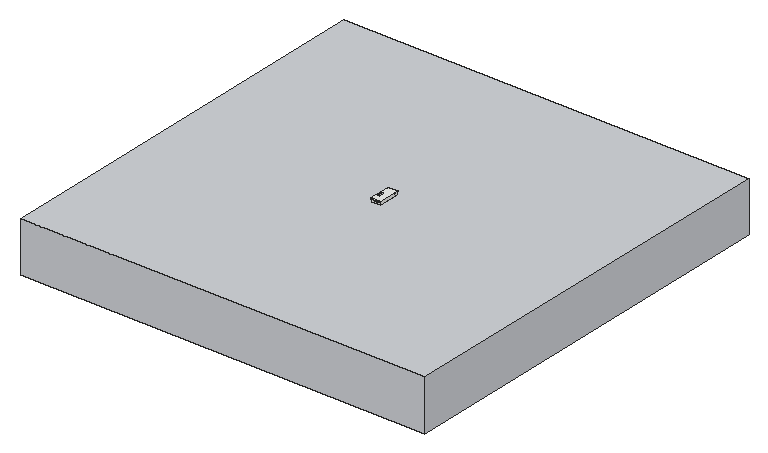
Revit family "GIRA_123927", category Elektroinstallationen, Revit 2017
Family settings
  Basisbauteil = Fläche
  Beschriftungsausrichtung beibehalten = Ja
  Bemaßung runder Anschluss = Durchmesser verwenden
  Teiletyp = Normal
  Beim Laden mit Abzugskörper schneiden = Nein
  Gemeinsam genutzt = Nein
  Raumberechnungspunkt = Nein
Parameters
  Zusatzgerät anreihbar = no
  Default Elevation = 1219.2 mm
  Verbindung mit Smartphone möglich = no
  URL = "https://www.gira.de/"
  Typname = "Wohnungsstation Video AP Plus System 55 Reinweiß m"
  Schaltfunktionen = yes
  Rufunterscheidung = yes
  Rufabschaltung = yes
  Mit Türöffnerautomatik = yes
  Mit Touchscreen = no
  Lautstärkeregelung = yes
  Ist Zubehör = no
  Ist System = no
  Internkommunikation = yes
  Hörgerätekompatibel = no
  Hersteller = "Gira"
  HAN = "123927"
  GTIN = "4010337016243"
  Funktions-Lampen = yes
  Bildsystem = "PAL"
  Beschreibung = "Wohnungsstation Video AP Plus System 55 Reinweiß seidenmatt Merkmale: - Bei Verwendung je einer Spannungsversorgung für Türkommunikation können bis zu 28 Wohnungsstationen Video AP parallel genutzt werden. - Die Wohnungsstation Video AP Plus erkennt automatisch, ob eine Spannungsversorgung für Türkommunikation angeschlossen ist. Eine Brücke zwischen ZV und BUS ist nicht notwendig. - Farbdisplay mit LED-Hintergrundbeleuchtung. - OSD Funktion, d. h. Texteinblendung im Display zur Statusanzeige und Menüführung. - Kapazitive Bedientasten mit integrierten Leuchtdioden zur Zustandsanzeige: Die Tasten werden durch leichte Berührung bedient. - Zuschaltbare Türöffnerautomatik: bei eingeschalteter Funktion wird der Türöffner nach Betätigung der Türstationsruftaste automatisch angesteuert. - Automatische Rufannahme: direktes Hineinsprechen oder -hören in einen Raum nach Internruf. - Gebührenfreier hausinterner Sprechverkehr mit bis zu zehn weiteren Wohnungsstationen. Die Bedientasten der Wohnungsstation Video AP Plus steuern die folgenden Funktionen:: - Manuelles Ein- und Ausschalten des TFT-Farbdisplays. - Kameraumschaltung - gezielte Anwahl der angeschlossenen Farbkameras. Im Display erfolgt die Textanzeige, welche Kamera aktuell angesteuert wird. - Schalten von Licht und anderen Funktionen in Verbindung mit dem Schaltaktor oder dem Unterputz-Schaltaktor. - Ansteuerung des Türöffners. - Rufton ein- und ausschalten. - Rufannahme. - Aktivierung der Durchsetzfunktion. - Einstellung von Rufton- und Sprechlautstärke. Funktionen im Endkundenmenü: - Internruf, Schalthandlung, Ruftonmelodie, Helligkeit, Farbsättigung, Kontrast, Einschaltzeit des Displays, Sprache (21 Sprachen wählbar), Tastentöne, Türöffnerautomatik (nach Installateurfreigabe), automatische Rufannahme (nach Installateurfreigabe). Zusätzliche Funktionen im Installateurmenü:: - Einstellung Haupt- Nebendisplay, Frequenzeinstellung, Terminierung der Leitung, Versionsanzeige, Werkseinstellung, Display ein- bzw. ausschalten, LED-Beleuchtung ein- bzw. ausschalten, Ruftastenzuordnung, Internruf zuordnen, Freigaben für Türöffnerautomatik und automatische Rufannahme. - Karten-Slot für SD-Speicherkarte. - SD-Speicherkarte. Neue zusätzliche Funktionen im Endkundenmenü:: - Interner Bildspeicher (nach Installateurfreigabe) für bis zu 48 Bilder. Manueller Übertrag interner zu externner Bildspeicher (SD-Speicherkarte). Bildspeicher manuell löschen. Manuellen Schnappschuss auslösen. Schalthandlungen und Internrufe umbenennen. Datum Uhrzeit ändern. Neue zusätzliche Funktionen im Installateurmenü:: - Freigabe des internen Bildspeichers. Einstellen des Bildintervals und der Aufnahmegeschwindigkeit. Datum Uhrzeit einstellen. Eigenschaften der SD-Speicherkarte:: - Verzeichnis für zehn Klingeltöne, davon fünf frei konfigurierbar im WAVE-Format. Ordner für externen Bildspeicher (max. 200 Bilder).  Hinweise : - Montage ohne Abdeckrahmen oder mit Abdeckrahmen 2fach ohne Mittelsteg aus den Schalterprogrammen System 55, Flächenschalter oder Gira E22 möglich."
  Bedienung Türöffner = yes
  BIM = "https://media.stage.bim.site/t/eyJhbGciOiJIUzI1NiIsInR5cCI6IkpXVCJ9.eyJjdCI6MSwidGYiOiJwdWJsaWMvZ2lyYS9iNjQ4NDNkLzEyMzkgMjcucmZhIiwiY2lkIjoiMzI3N2NjMjMtODFhOS00ZWUzLWE5MGEtYjQ3YmI0YzBiNjE2IiwicmlkIjoiYWZiMWQ1YTY2YWI3MjM0MDdlYTM4YTIwMGNhZDgzMDIiLCJwaWQiOiJlMzE2MDQ3NmY0OTc5YTYyYmZhZDNlYmQ3Mjc3ZjFjZThjOGIzZDQ0Iiwic2lkIjoiNjM0NzAiLCJ1dCI6NSwiaWF0IjoxNTY1MTg2NzQ5LCJpc3MiOiJodHRwczovL2FwaS5saXZlLmJpbS5zaXRlIiwic3ViIjoiYWRtaW5AYmltc2l0ZS5kZXYifQ.r-roVaoynvs0EGDL__40qwlu7oEhYcn_sEF0CAWcthQ/1239 27.rfa"
  Abhörsicher = yes
Reference planes
  plane 1 "Center (Front/Back)": y = 0
  plane 2: z = 0
  plane 3 "Center (Left/Right)": x = 0
  plane 4: y = -57.002
  plane 5: z = 11.3
Forms (mm)
  Extrusion 1, solid
    sketch origin (0, 0, 0) x (1, 0, 0) y (0, 1, 0)
      loop
        line (-1219.2, 1219.2) -> (-1219.2, -1219.2) -> (1219.2, -1219.2) -> (1219.2, 1219.2) -> (-1219.2, 1219.2)
    from 0 to -304.8
  Extrusion 2, solid, material "Pure white silk matt", detail levels fine
    sketch origin (0, 0, 0) x (1, 0, 0) y (0, 1, 0)
      loop
        line (-27.5, 62.907) -> (-27.5, -62.761) -> (27.5, -63.002) -> (27.5, 62.907) -> (-27.5, 62.907)
    from 2.8 to 19.6
  Extrusion 3, solid, material "Pure white silk matt", detail levels fine
    sketch origin (0, 0, 0) x (1, 0, 0) y (0, 1, 0)
      loop
        line (23.736, -57.486) -> (23.736, 57.355) -> (-23.736, 57.355) -> (-23.736, -57.486) -> (23.736, -57.486)
    from 0 to 2.8
  Extrusion 4, solid, material "Pure white silk matt", detail levels fine
    sketch origin (0, 0, -0.9) x (1, 0, 0) y (0, 1, 0)
      loop
        arc (-26.5, 65) -> (-27.207, 64.707) -> (-27.5, 64) r 1
        line (-27.5, 64) -> (-27.5, -64)
        arc (-27.5, -64) -> (-27.207, -64.707) -> (-26.5, -65) r 1
        line (-26.5, -65) -> (26.5, -65)
        arc (26.5, -65) -> (27.207, -64.707) -> (27.5, -64) r 1
        line (27.5, -64) -> (27.5, 64)
        arc (27.5, 64) -> (27.207, 64.707) -> (26.5, 65) r 1
        line (26.5, 65) -> (-26.5, 65)
    from 20.5 to 21.5
  Extrusion 5, solid, material "Pure white silk matt", detail levels medium+fine
    sketch origin (0, 0, 0) x (1, 0, 0) y (0, 1, 0)
      loop
        line (-23.605, -18.6) -> (-13.2, -18.6) -> (-13.2, -8.594) -> (-13.2, 3.4) -> (-23.605, 3.4) -> (-23.605, -18.6)
    from 20.6 to 22.5
  Extrusion 6, void, detail levels fine
    sketch origin (0, 0, 0) x (1, 0, 0) y (0, 1, 0)
      loop
        arc (-11.109, -10.234) -> (15.105, -0.084) -> (-10.995, 10.357) r 15.105
        line (-10.995, 10.357) -> (-11.109, -10.234)
      loop
        arc (-3.34, -27.996) -> (-8.964, -28.895) -> (-3.943, -31.585) r 3.005
        arc (-3.943, -31.585) -> (0.438, -31.827) -> (4.808, -31.44) r 31.83
        arc (4.808, -31.44) -> (6.319, -29.382) -> (4.262, -27.871) r 1.805
        arc (4.262, -27.871) -> (0.465, -28.191) -> (-3.34, -27.996) r 28.195
      loop
        spline (6.871, -48.874) -> (6.579, -48.896) -> (6.293, -48.96) -> (6.02, -49.065) -> (5.765, -49.208) -> (5.534, -49.388) -> (5.331, -49.599) -> (5.162, -49.838) -> (5.029, -50.099) -> (4.936, -50.377) -> (4.885, -50.666) -> (4.876, -50.959) -> (4.91, -51.25)
        spline (4.91, -51.25) -> (4.876, -51.541) -> (4.885, -51.834) -> (4.936, -52.123) -> (5.029, -52.401) -> (5.162, -52.662) -> (5.331, -52.901) -> (5.534, -53.112) -> (5.765, -53.292) -> (6.02, -53.435) -> (6.293, -53.54) -> (6.579, -53.604) -> (6.871, -53.626)
        line (6.871, -53.626) -> (13.129, -53.626)
        spline (13.129, -53.626) -> (13.421, -53.604) -> (13.707, -53.54) -> (13.98, -53.435) -> (14.235, -53.292) -> (14.466, -53.112) -> (14.669, -52.901) -> (14.838, -52.662) -> (14.971, -52.401) -> (15.064, -52.123) -> (15.115, -51.834) -> (15.124, -51.541) -> (15.09, -51.25)
        spline (15.09, -51.25) -> (15.124, -50.959) -> (15.115, -50.666) -> (15.064, -50.377) -> (14.971, -50.099) -> (14.838, -49.838) -> (14.669, -49.599) -> (14.466, -49.388) -> (14.235, -49.208) -> (13.98, -49.065) -> (13.707, -48.96) -> (13.421, -48.896) -> (13.129, -48.874)
        line (13.129, -48.874) -> (6.871, -48.874)
      loop
        arc (3.34, 27.996) -> (8.966, 28.911) -> (3.92, 31.563) r 3.005
        arc (3.92, 31.563) -> (-0.448, 31.802) -> (-4.808, 31.44) r 31.805
        arc (-4.808, 31.44) -> (-6.319, 29.382) -> (-4.262, 27.871) r 1.805
        arc (-4.262, 27.871) -> (-0.465, 28.191) -> (3.34, 27.996) r 28.195
      loop
        line (-20.626, 52.129) -> (-20.626, 45.871)
        spline (-20.626, 45.871) -> (-20.604, 45.579) -> (-20.54, 45.293) -> (-20.435, 45.02) -> (-20.292, 44.765) -> (-20.112, 44.533) -> (-19.901, 44.331) -> (-19.662, 44.162) -> (-19.401, 44.029) -> (-19.123, 43.936) -> (-18.834, 43.885) -> (-18.541, 43.876) -> (-18.25, 43.91)
        spline (-18.25, 43.91) -> (-17.959, 43.876) -> (-17.666, 43.885) -> (-17.377, 43.936) -> (-17.099, 44.029) -> (-16.838, 44.162) -> (-16.599, 44.331) -> (-16.388, 44.533) -> (-16.208, 44.765) -> (-16.065, 45.02) -> (-15.96, 45.293) -> (-15.896, 45.579) -> (-15.874, 45.871)
        line (-15.874, 45.871) -> (-15.874, 52.129)
        spline (-15.874, 52.129) -> (-15.896, 52.421) -> (-15.96, 52.707) -> (-16.065, 52.98) -> (-16.208, 53.235) -> (-16.388, 53.466) -> (-16.599, 53.669) -> (-16.838, 53.838) -> (-17.099, 53.971) -> (-17.377, 54.064) -> (-17.666, 54.115) -> (-17.959, 54.124) -> (-18.25, 54.09)
        spline (-18.25, 54.09) -> (-18.541, 54.124) -> (-18.834, 54.115) -> (-19.123, 54.064) -> (-19.401, 53.971) -> (-19.662, 53.838) -> (-19.901, 53.669) -> (-20.112, 53.466) -> (-20.292, 53.235) -> (-20.435, 52.98) -> (-20.54, 52.707) -> (-20.604, 52.421) -> (-20.626, 52.129)
    from 0 to 2
  Extrusion 7, void, detail levels fine
    sketch origin (-1.799, 0, 0) x (1, 0, 0) y (0, 0, 1)
      loop
        line (0, 17.165) -> (0, 15.22) -> (3.598, 15.22) -> (3.598, 17.165) -> (0, 17.165)
      loop
        line (-4.701, 11.286) -> (-4.701, 8.933) -> (8.855, 8.933) -> (8.855, 11.286) -> (-4.701, 11.286)
    from 58.901 to 65
  Extrusion 8, void, detail levels fine
    sketch origin (0, 0, 0) x (0, 1, 0) y (0, 0, 1)
      loop
        line (-57.002, 12.854) -> (-57.002, 9.854) -> (-38.002, 9.854) -> (-38.002, 12.854) -> (-57.002, 12.854)
    from -27.55 to 27.5
  Extrusion 9, solid, material "Pure white silk matt", detail levels medium
    sketch origin (0, 0, 0) x (1, 0, 0) y (0, 1, 0)
      loop
        line (27.5, 65) -> (-27.5, 65) -> (-27.5, -65) -> (27.5, -65) -> (27.5, 65)
    from 19.6 to 20.6
  Extrusion 10, solid, material "Pure white silk matt", detail levels medium
    sketch origin (0, 0, 0) x (1, 0, 0) y (0, 1, 0)
      loop
        line (-27.5, 62.907) -> (-27.5, -62.761) -> (27.5, -63.002) -> (27.5, 62.907) -> (-27.5, 62.907)
    from 2.8 to 19.6
  Extrusion 11, solid, material "Pure white silk matt", detail levels medium
    sketch origin (0, 0, 0) x (1, 0, 0) y (0, 1, 0)
      loop
        line (23.736, -57.486) -> (23.736, 57.355) -> (-23.736, 57.355) -> (-23.736, -57.486) -> (23.736, -57.486)
    from 0 to 2.8
  Extrusion 12, solid, material "Pure white silk matt", detail levels coarse
    sketch origin (0, 0, 0) x (1, 0, 0) y (0, 1, 0)
      loop
        line (27.5, 65) -> (-27.5, 65) -> (-27.5, -65) -> (27.5, -65) -> (27.5, 65)
    from 0 to 22.5
Cuts and joins
  Extrusion 6, Extrusion 7, Extrusion 8 cuts Extrusion 2
  Extrusion 6 cuts Extrusion 3
  Extrusion 6 cuts Extrusion 4
Dimensions and locks
  aligned and locked: plane 2 to Extrusion 1
  aligned and locked: level to Extrusion 1
  aligned and locked: plane 1 "Center (Front/Back)" to nested 1
Nested families
  nested 1: "symbol" at (0, 0, 0), type "symbol"
Definition of nested family "symbol"
  Reference planes
    plane 1: y = 0
    plane 2: x = 0
  Lines and regions (mm)
    Filled region 1, type "Gefüllter Bereich 1"
      outline origin (0, 0, 0) x (1, 0, 0) y (0, 1, 0)
        loop
          circle (-0.6, 2.4) r 0.4
    Filled region 2, type "Gefüllter Bereich 1"
      outline origin (0, 0, 0) x (1, 0, 0) y (0, 1, 0)
        loop
          circle (0.6, 2.4) r 0.4
    detail lines
      curve 1: line (0, 0, 0) -> (0, 2, 0)
      curve 2: line (0, 2, 0) -> (1.6, 2, 0)
      curve 3: line (1.6, 2, 0) -> (1.6, 3.6, 0)
      curve 4: circle (0.6, 2.4, 0) r 0.4 normal (0, 0, 1)
      curve 5: line (0, 2, 0) -> (-1.6, 2, 0)
      curve 6: line (-1.6, 2, 0) -> (-1.6, 3.6, 0)
      curve 7: circle (-0.6, 2.4, 0) r 0.4 normal (0, 0, -1)
